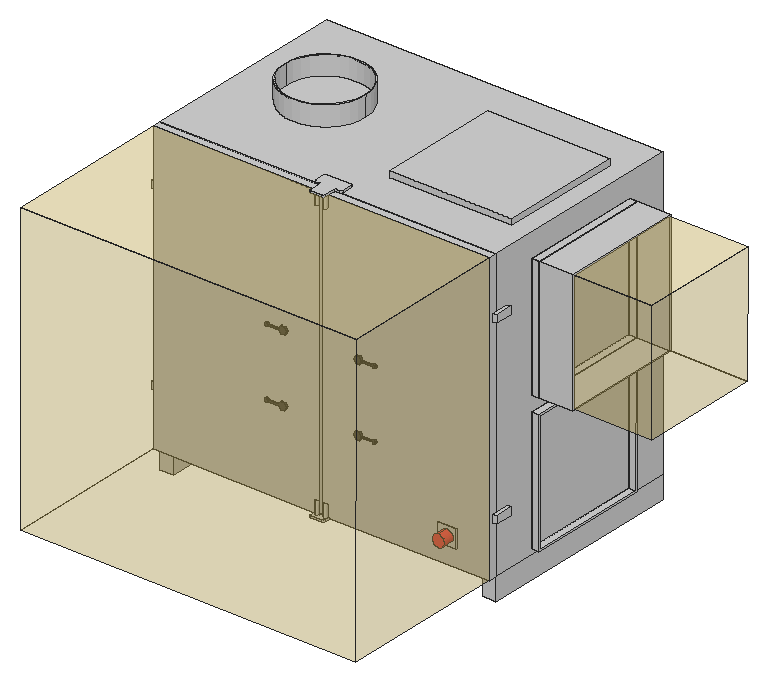
Revit family "Ventilator-RenewAire-Energy-Recovery-HE1.5XINV-Bypass", category Mechanical Equipment, Revit 2014
Parameters (values of type "277V Single Phase")
  Voltage = "277"
  Ventilation Type = "Static Plate, Heat and Humidity Transfer"
  Upper Right Connector = yes
  Unit Width = "34-1/2\""
  Unit Weight = "337-464 lbs."
  Unit Length = "56-1/4\""
  Unit Height = "46-1/4\""
  Unit = Metal - RenewAire - Anodized - Gray Text
  URL = "www.renewaire.com"
  Typical Airflow Range = "375 - 1,575 CFM"
  Top Right Offset = if(Upper Right Connector, 2' 1", 1' 10 1/4")  # 2' - 1"
  Top Right Height = if(Upper Right Connector, 2' 0 1/2", 3' 9 7/8")  # 2' - 0 1/2"
  Top Right Connector = not(Upper Right Connector)  # no
  Top Right Angle = if(Upper Right Connector, 0.00°, 270.00°)  # 0.00°
  Standard Features = "Non-Fused Disconnect, 24VAC Transformer/Relay Package"
  Shipping Weight = "530 lbs."
  Service Area Visibility = yes
  Service Area Box = Interference - RenewAire - Smooth - Light - Gold
  Revit Object Download Link = ""
  Phase = "Single"
  Options = "Qty. 2, ECM Motor, 1.0 HP 120V/1Ph/60HZ, 1.0HP 208-230V/1Ph/60HZ, Fused disconnect, Double wall construction, Gravity backdraft damper - OA, Motorized isolation dampers - OA, Qty. 2 Factory mounted filter alarms, Independent blower control, Bypass economizer (see bypass dimension drawing page) – dry bulb temperature controls, enthalpy controls"
  Optional Motorized Damper - OA = yes
  Number Motors = "Qty. 2, 1.0 HP ea., Direct drive standard motorized impeller packages"
  Model = "HE1.5XINV-Bypass"
  Minimum Circuit Amps = "6.1 A"
  Maximum Overcurrent Protection = "15 A"
  Max. Shipping Width = "47\""
  Max. Shipping Length = "70\""
  Max. Shipping Height = "59\""
  Manufacturer = "RenewAire LLC"
  Lower Right Connector = yes
  Lower Left Connector = yes
  Frequency = "60 HZ"
  FLA per Motor = "2.7"
  Description = "Energy Recovery Ventilator"
  Connector Base Material = Glass - With - Transparency
  Bottom Right Offset = if(Lower Right Connector, 2' 1", 0' 4 1/4")  # 2' - 1"
  Bottom Right Height = if(Lower Right Connector, 0' 4 1/4", 0' 3 1/4")  # 0' - 4 1/4"
  Bottom Right Connector = not(Lower Right Connector)  # no
  Bottom Right Angle = if(Lower Right Connector, 0.00°, 90.00°)  # 0.00°
  Bottom Left Offset = if(Lower Left Connector, 2' 1", 1' 10")  # 2' - 1"
  Bottom Left Height = if(Lower Left Connector, 1' 10 1/4", 0' 3")  # 1' - 10 1/4"
  Bottom Left Connector = not(Lower Left Connector)  # no
  Bottom Left Angle = if(Lower Left Connector, 180.00°, 270.00°)  # 180.00°
  Accessories = "Filters - MERV 13, 2\" (shipped loose), Backdraft Damper - OA or EA, Digital time clock - wall mount(TC7D-W), Digital time clock - in exterior enclosure (TC7D-E), Motion occupancy control - ceiling mount(MC-C), Motion occupancy control - wall mount(MC-W), Carbon dioxide control - wall mount (CO2-W), Carbon Dioxide control - duct mount(CO2-D), Electric duct heater – EK series (1-60 KW), EH series (61-175 KW)"
  AHRI 1060 Certified Core = "One L62-G5 and one L125-G5"
Types (6): name | Voltage | Service Area Visibility | Phase | Minimum Circuit Amps | Maximum Overcurrent Protection | FLA per Motor
  (no name) | "277" | yes | "Single" | "6.1 A" | "15 A" | "2.7"
  120V Single Phase | "120" | no | "Single" | "14.6 A" | "20 A" | "6.5"
  208-230V Single Phase | "208-230" | yes | "Single" | "7.7 A" | "15 A" | "3.3-3.4"
  277V Single Phase | "277" | yes | "Single" | "6.1 A" | "15 A" | "2.7"
  208-230V Three Phase | "208-230" | yes | "Three" | "5.0 A" | "15 A" | "2.2-2.2"
  460V Three Phase | "460" | yes | "Three" | "2.5 A" | "15 A" | "1.1"
Reference planes (in)
  plane 1 "Center (Front/Back)": y = 0
  plane 2: z = 0
  plane 3 "Center (Left/Right)": x = 0
  plane 4 "MinServiceArea": y = -36.0625
Forms (in)
  Extrusion 1, solid, material "Metal - RenewAire - Anodized - Gray Text" <- "Unit"
    sketch origin (28, 0, 24.5625) x (0, 0, 1) y (0, 1, 0)
      loop
        line (-21.3125, 15.9375) -> (-21.3125, -14.6875) -> (21.3125, -14.6875) -> (21.3125, 15.9375) -> (-21.3125, 15.9375)
    from 3.25 to 52.75
  Extrusion 2, solid, material "Metal - RenewAire - Anodized - Gray Text" <- "Unit"
    sketch origin (0, 0, 0) x (1, 0, 0) y (0, 0, 1)
      loop
        line (-24.75, 3.25) -> (-24.75, 0) -> (-22.75, 0) -> (-22.75, 3.25) -> (-24.75, 3.25)
      loop
        line (24.75, 3.25) -> (22.75, 3.25) -> (22.75, 0) -> (24.75, 0) -> (24.75, 3.25)
    from -15.9375 to 14.6875
  Extrusion 3, solid, material "Metal - RenewAire - Anodized - Gray Text" <- "Unit"
    sketch origin (28, 0, 24.5625) x (0, 0, 1) y (-1, 0, 0)
      loop
        line (-21.3125, 52.75) -> (-21.3125, 28.25) -> (21.3125, 28.25) -> (21.3125, 52.75) -> (-21.3125, 52.75)
      loop
        line (-21.3125, 27.75) -> (-21.3125, 3.25) -> (21.3125, 3.25) -> (21.3125, 27.75) -> (-21.3125, 27.75)
    from 14.6875 to 15.9375
  Extrusion 4, solid, material "Interference - RenewAire - Smooth - Light - Gold" <- "Service Area Box", visible <- "Service Area Visibility"
    sketch origin (28, 0, 24.5625) x (0, 1, 0) y (-1, 0, 0)
      loop
        line (-15.9375, 52.75) -> (-40.4375, 52.75) -> (-40.4375, 3.25) -> (-15.9375, 3.25) -> (-15.9375, 52.75)
    from -21.3125 to 21.3125
  Extrusion 5, solid, material "Metal - RenewAire - Anodized - Gray Text" <- "Unit"
    sketch origin (28, 0, 24.5625) x (0, 0, 1) y (-1, 0, 0)
      loop
        line (-18.6875, 10.625) -> (-18.6875, 8) -> (-16.0625, 8) -> (-16.0625, 10.625) -> (-18.6875, 10.625)
    from 15.9375 to 16.15339
  Extrusion 6, solid, material "Plastic Red"
    sketch origin (28, 0, 24.5625) x (0, 0, 1) y (-1, 0, 0)
      loop
        circle (-17.375, 9.3125) r 0.875
    from 16.15339 to 17.6875
  Extrusion 7, solid, material "Metal - RenewAire - Anodized - Gray Text" <- "Unit"
    sketch origin (28, 0, 24.5625) x (0, 0, 1) y (0, 1, 0)
      loop
        line (-13.8125, -12.8125) -> (-13.8125, -15.4375) -> (-12.6875, -15.4375) -> (-12.6875, -12.8125) -> (-13.8125, -12.8125)
    from 52.75 to 53.375
  Extrusion 8, solid, material "Metal - RenewAire - Anodized - Gray Text" <- "Unit"
    sketch origin (28, 0, 51.0625) x (0, 0, 1) y (0, 1, 0)
      loop
        line (-13.8125, -12.8125) -> (-13.8125, -15.4375) -> (-12.6875, -15.4375) -> (-12.6875, -12.8125) -> (-13.8125, -12.8125)
    from 52.75 to 53.375
  Extrusion 9, solid, material "Metal - RenewAire - Anodized - Gray Text" <- "Unit"
    sketch origin (28, 0, 24.5625) x (0, 0, 1) y (0, 1, 0)
      loop
        line (-13.8125, -12.8125) -> (-13.8125, -15.4375) -> (-12.6875, -15.4375) -> (-12.6875, -12.8125) -> (-13.8125, -12.8125)
    from 2.625 to 3.25
  Extrusion 10, solid, material "Metal - RenewAire - Anodized - Gray Text" <- "Unit"
    sketch origin (28, 0, 51.0625) x (0, 0, 1) y (0, 1, 0)
      loop
        line (-13.8125, -12.8125) -> (-13.8125, -15.4375) -> (-12.6875, -15.4375) -> (-12.6875, -12.8125) -> (-13.8125, -12.8125)
    from 2.625 to 3.25
  Extrusion 11, solid, material "Metal - RenewAire - Anodized - Gray Text" <- "Unit"
    sketch origin (28, 0, 24.5625) x (0, 1, 0) y (-1, 0, 0)
      loop
        line (-12.9375, 30) -> (-14.4375, 30)
        arc (-14.4375, 30) -> (-14.61428, 29.92678) -> (-14.6875, 29.75) r 0.25
        line (-14.6875, 29.75) -> (-14.6875, 29.3125)
        arc (-14.6875, 29.3125) -> (-14.76072, 29.13572) -> (-14.9375, 29.0625) r 0.25
        line (-14.9375, 29.0625) -> (-16.5625, 29.0625)
        arc (-16.5625, 29.0625) -> (-16.73928, 28.98928) -> (-16.8125, 28.8125) r 0.25
        line (-16.8125, 28.8125) -> (-16.8125, 27.1875)
        arc (-16.8125, 27.1875) -> (-16.73928, 27.01072) -> (-16.5625, 26.9375) r 0.25
        line (-16.5625, 26.9375) -> (-14.9375, 26.9375)
        arc (-14.9375, 26.9375) -> (-14.76072, 26.86428) -> (-14.6875, 26.6875) r 0.25
        line (-14.6875, 26.6875) -> (-14.6875, 26.25)
        arc (-14.6875, 26.25) -> (-14.61428, 26.07322) -> (-14.4375, 26) r 0.25
        line (-14.4375, 26) -> (-12.9375, 26)
        arc (-12.9375, 26) -> (-12.76072, 26.07322) -> (-12.6875, 26.25) r 0.25
        line (-12.6875, 26.25) -> (-12.6875, 29.75)
        arc (-12.6875, 29.75) -> (-12.76072, 29.92678) -> (-12.9375, 30) r 0.25
    from -21.5625 to -21.3125
  Extrusion 12, solid, material "Metal - RenewAire - Anodized - Gray Text" <- "Unit"
    sketch origin (28, 0, 24.5625) x (0, 1, 0) y (-1, 0, 0)
      loop
        line (-12.9375, 30) -> (-14.4375, 30)
        arc (-14.4375, 30) -> (-14.61428, 29.92678) -> (-14.6875, 29.75) r 0.25
        line (-14.6875, 29.75) -> (-14.6875, 29.3125)
        arc (-14.6875, 29.3125) -> (-14.76072, 29.13572) -> (-14.9375, 29.0625) r 0.25
        line (-14.9375, 29.0625) -> (-16.5625, 29.0625)
        arc (-16.5625, 29.0625) -> (-16.73928, 28.98928) -> (-16.8125, 28.8125) r 0.25
        line (-16.8125, 28.8125) -> (-16.8125, 27.1875)
        arc (-16.8125, 27.1875) -> (-16.73928, 27.01072) -> (-16.5625, 26.9375) r 0.25
        line (-16.5625, 26.9375) -> (-14.9375, 26.9375)
        arc (-14.9375, 26.9375) -> (-14.76072, 26.86428) -> (-14.6875, 26.6875) r 0.25
        line (-14.6875, 26.6875) -> (-14.6875, 26.25)
        arc (-14.6875, 26.25) -> (-14.61428, 26.07322) -> (-14.4375, 26) r 0.25
        line (-14.4375, 26) -> (-12.9375, 26)
        arc (-12.9375, 26) -> (-12.76072, 26.07322) -> (-12.6875, 26.25) r 0.25
        line (-12.6875, 26.25) -> (-12.6875, 29.75)
        arc (-12.6875, 29.75) -> (-12.76072, 29.92678) -> (-12.9375, 30) r 0.25
    from 21.3125 to 21.5625
  Extrusion 13, solid, material "Metal - RenewAire - Anodized - Gray Text" <- "Unit"
    sketch origin (28, 0, 24.5625) x (0, 1, 0) y (-1, 0, 0)
      loop
        circle (-15.9375, 28.625) r 0.25
      loop
        circle (-15.9375, 27.375) r 0.25
    from -21.3125 to -19.5
  Extrusion 14, solid, material "Metal - RenewAire - Anodized - Gray Text" <- "Unit"
    sketch origin (28, 0, 24.5625) x (0, 1, 0) y (-1, 0, 0)
      loop
        circle (-15.9375, 28.625) r 0.25
      loop
        circle (-15.9375, 27.375) r 0.25
    from 19.5 to 21.3125
  Extrusion 15, solid, material "MonitorPorts"
    sketch origin (29.60669, 0, 25.19097) x (0, 0, 1) y (-1, 0, 0)
      loop
        line (-9.53348, 35.65895) -> (-9.94097, 35.42369) -> (-9.94097, 34.83769) -> (-9.43348, 34.54469) -> (-8.92599, 34.83769) -> (-8.92599, 35.42369) -> (-9.33348, 35.65895) -> (-9.33348, 37.28756)
        arc (-9.33348, 37.28756) -> (-9.43348, 37.76669) -> (-9.53348, 37.28756) r 0.25
        line (-9.53348, 37.28756) -> (-9.53348, 35.65895)
    from 15.9375 to 16.15339
  Extrusion 16, solid, material "MonitorPorts"
    sketch origin (29.60669, 0, 35.19097) x (0, 0, 1) y (-1, 0, 0)
      loop
        line (-9.53348, 35.65895) -> (-9.94097, 35.42369) -> (-9.94097, 34.83769) -> (-9.43348, 34.54469) -> (-8.92599, 34.83769) -> (-8.92599, 35.42369) -> (-9.33348, 35.65895) -> (-9.33348, 37.28756)
        arc (-9.33348, 37.28756) -> (-9.43348, 37.76669) -> (-9.53348, 37.28756) r 0.25
        line (-9.53348, 37.28756) -> (-9.53348, 35.65895)
    from 15.9375 to 16.15339
  Extrusion 17, solid, material "MonitorPorts"
    sketch origin (-29.60458, 0, 16.32401) x (0, 0, -1) y (1, 0, 0)
      loop
        line (-9.53348, 35.65895) -> (-9.94097, 35.42369) -> (-9.94097, 34.83769) -> (-9.43348, 34.54469) -> (-8.92599, 34.83769) -> (-8.92599, 35.42369) -> (-9.33348, 35.65895) -> (-9.33348, 37.28756)
        arc (-9.33348, 37.28756) -> (-9.43348, 37.76669) -> (-9.53348, 37.28756) r 0.25
        line (-9.53348, 37.28756) -> (-9.53348, 35.65895)
    from 15.9375 to 16.15339
  Extrusion 18, solid, material "MonitorPorts"
    sketch origin (-29.60458, 0, 6.32401) x (0, 0, -1) y (1, 0, 0)
      loop
        line (-9.53348, 35.65895) -> (-9.94097, 35.42369) -> (-9.94097, 34.83769) -> (-9.43348, 34.54469) -> (-8.92599, 34.83769) -> (-8.92599, 35.42369) -> (-9.33348, 35.65895) -> (-9.33348, 37.28756)
        arc (-9.33348, 37.28756) -> (-9.43348, 37.76669) -> (-9.53348, 37.28756) r 0.25
        line (-9.53348, 37.28756) -> (-9.53348, 35.65895)
    from 15.9375 to 16.15339
  Extrusion 19, solid, material "Metal - RenewAire - Anodized - Gray Text" <- "Unit"
    sketch origin (-0.63926, 1.02235, 0) x (1, 0, 0) y (0, 1, 0)
      loop
        circle (-12.36074, 0) r 6
      loop
        circle (-12.36074, 0) r 5.875
    from 45.875 to 48.75
  Extrusion 20, solid, material "Metal - RenewAire - Anodized - Gray Text" <- "Unit", visible <- "Upper Right Connector"
    sketch origin (0, 0, 0) x (1, 0, 0) y (0, 1, 0)
      loop
        line (4, 9.6875) -> (4, -8.3125) -> (22, -8.3125) -> (22, 9.6875) -> (4, 9.6875)
    from 45.875 to 46.75
  Extrusion 21, solid, material "Metal - RenewAire - Anodized - Gray Text" <- "Unit", visible <- "Lower Right Connector"
    sketch origin (0, 0, 0) x (1, 0, 0) y (0, 1, 0)
      loop
        line (4, 9.6875) -> (4, -8.3125) -> (22, -8.3125) -> (22, 9.6875) -> (4, 9.6875)
    from 2.375 to 3.25
  Extrusion 22, solid, material "Metal - RenewAire - Anodized - Gray Text" <- "Unit", visible <- "Lower Left Connector"
    sketch origin (-26, 0, 0) x (1, 0, 0) y (0, 1, 0)
      loop
        line (4, 9.6875) -> (4, -8.3125) -> (22, -8.3125) -> (22, 9.6875) -> (4, 9.6875)
    from 2.375 to 3.25
  Extrusion 23, solid, material "Metal - RenewAire - Anodized - Gray Text", visible <- "Top Right Connector"
    sketch origin (0, 0, 0) x (1, 0, 0) y (0, 1, 0)
      loop
        line (4, 9.6875) -> (4, -8.3125) -> (22, -8.3125) -> (22, 9.6875) -> (4, 9.6875)
      loop
        line (4.125, 9.5625) -> (4.125, -8.1875) -> (21.875, -8.1875) -> (21.875, 9.5625) -> (4.125, 9.5625)
    from 45.875 to 47.125
  Extrusion 24, solid, material "Metal - RenewAire - Anodized - Gray Text", visible <- "Bottom Right Connector"
    sketch origin (0, 0, 0) x (1, 0, 0) y (0, 1, 0)
      loop
        line (4, 9.6875) -> (4, -8.3125) -> (22, -8.3125) -> (22, 9.6875) -> (4, 9.6875)
      loop
        line (4.125, 9.5625) -> (4.125, -8.1875) -> (21.875, -8.1875) -> (21.875, 9.5625) -> (4.125, 9.5625)
    from 2 to 3.25
  Extrusion 25, solid, material "Metal - RenewAire - Anodized - Gray Text", visible <- "Bottom Left Connector"
    sketch origin (-26, 0, 0) x (1, 0, 0) y (0, 1, 0)
      loop
        line (4, 9.6875) -> (4, -8.3125) -> (22, -8.3125) -> (22, 9.6875) -> (4, 9.6875)
      loop
        line (4.125, 9.5625) -> (4.125, -8.1875) -> (21.875, -8.1875) -> (21.875, 9.5625) -> (4.125, 9.5625)
    from 2 to 3.25
  Extrusion 26, solid, material "Metal - RenewAire - Anodized - Gray Text", visible <- "Bottom Left Connector"
    sketch origin (0, 0, -3.25) x (0, 1, 0) y (0, 0, 1)
      loop
        line (9.6875, 25.5) -> (-8.3125, 25.5) -> (-8.3125, 7.5) -> (9.6875, 7.5) -> (9.6875, 25.5)
    from -25.625 to -24.75
  Extrusion 27, solid, material "Metal - RenewAire - Anodized - Gray Text", visible <- "Bottom Right Connector"
    sketch origin (0, 0, -3.25) x (0, 1, 0) y (0, 0, 1)
      loop
        line (9.6875, 25.5) -> (-8.3125, 25.5) -> (-8.3125, 7.5) -> (9.6875, 7.5) -> (9.6875, 25.5)
    from 24.75 to 25.625
  Extrusion 28, solid, material "Metal - RenewAire - Anodized - Gray Text", visible <- "Top Right Connector"
    sketch origin (0, 0, 17) x (0, 1, 0) y (0, 0, 1)
      loop
        line (9.6875, 25.5) -> (-8.3125, 25.5) -> (-8.3125, 7.5) -> (9.6875, 7.5) -> (9.6875, 25.5)
    from 24.75 to 25.625
  Extrusion 29, solid, material "Metal - RenewAire - Anodized - Gray Text", visible <- "Lower Left Connector"
    sketch origin (0, 0, 0) x (0, 1, 0) y (0, 0, 1)
      loop
        line (9.6875, 22.25) -> (-8.3125, 22.25) -> (-8.3125, 4.25) -> (9.6875, 4.25) -> (9.6875, 22.25)
      loop
        line (9.5625, 22.125) -> (-8.1875, 22.125) -> (-8.1875, 4.375) -> (9.5625, 4.375) -> (9.5625, 22.125)
    from -26 to -24.75
  Extrusion 30, solid, material "Metal - RenewAire - Anodized - Gray Text", visible <- "Lower Right Connector"
    sketch origin (0, 0, 0) x (0, 1, 0) y (0, 0, 1)
      loop
        line (9.6875, 22.25) -> (-8.3125, 22.25) -> (-8.3125, 4.25) -> (9.6875, 4.25) -> (9.6875, 22.25)
      loop
        line (9.5625, 22.125) -> (-8.1875, 22.125) -> (-8.1875, 4.375) -> (9.5625, 4.375) -> (9.5625, 22.125)
    from 24.75 to 26
  Extrusion 31, solid, material "Metal - RenewAire - Anodized - Gray Text"
    sketch origin (0, 0, 20.25) x (0, 1, 0) y (0, 0, 1)
      loop
        line (9.6875, 22.25) -> (-8.3125, 22.25) -> (-8.3125, 4.25) -> (9.6875, 4.25) -> (9.6875, 22.25)
      loop
        line (9.5625, 22.125) -> (-8.1875, 22.125) -> (-8.1875, 4.375) -> (9.5625, 4.375) -> (9.5625, 22.125)
    from -26 to -24.75
  Extrusion 32, solid, material "Metal - RenewAire - Anodized - Gray Text", visible <- "Upper Right Connector"
    sketch origin (0, 0, 20.25) x (0, 1, 0) y (0, 0, 1)
      loop
        line (9.6875, 22.25) -> (-8.3125, 22.25) -> (-8.3125, 4.25) -> (9.6875, 4.25) -> (9.6875, 22.25)
      loop
        line (9.5625, 22.125) -> (-8.1875, 22.125) -> (-8.1875, 4.375) -> (9.5625, 4.375) -> (9.5625, 22.125)
    from 24.75 to 26
  Extrusion 33, solid, material "Metal - RenewAire - Anodized - Gray Text", visible <- "Optional Motorized Damper - OA"
    sketch origin (0, 0, 20.25) x (0, 1, 0) y (0, 0, 1)
      loop
        line (9.6875, 22.25) -> (-8.3125, 22.25) -> (-8.3125, 4.25) -> (9.6875, 4.25) -> (9.6875, 22.25)
      loop
        line (9.5625, 22.125) -> (-8.1875, 22.125) -> (-8.1875, 4.375) -> (9.5625, 4.375) -> (9.5625, 22.125)
    from 24.75 to 31
  Extrusion 34, solid, material "Interference - RenewAire - Smooth - Light - Gold" <- "Service Area Box", visible <- "Optional Motorized Damper - OA"
    sketch origin (0, 0, 0) x (0, 1, 0) y (0, 0, 1)
      loop
        line (9.5625, 42.375) -> (-8.1875, 42.375) -> (-8.1875, 24.625) -> (9.5625, 24.625) -> (9.5625, 42.375)
    from 24.75 to 42.5
Dimensions and locks (in)
  aligned and locked: level to plane 2
Nested families (in)
  nested 1: "Connector" at (0, 0.6875, 0), type "Lower Left Connector"
    with Offset 2' - 1", Base Height 1' - 10 1/4", A 180.00°
  nested 2: "Connector" at (-0.25, 0.6875, 0) x (-1, 0, 0) z (0, 0, 1), type "Lower Right Connector"
    with Offset 2' - 1", Base Height 0' - 4 1/4"
  nested 3: "Connector" at (-0.25, 0.6875, 0) x (-1, 0, 0) z (0, 0, 1), type "Upper Right Connector"
    with Offset 2' - 1", Base Height 2' - 0 1/2"
Connectors (in)
  hvac at (-13, 1.02235, 45.875)
    settings: on Extrusion 19, index 1, duct flow 0 CFM, flow factor 0, pres drop 0.00 in-wg, loss coef 0, conn angle 0.00°, conn width 12", conn height 12", conn diameter 12", duct sys type 2, conn prof type 0, flow config 0, flow direction 2, loss method 0, conn ref index -1, conn util no, is conn primary yes, conn desc "BP (Bypass)"
  hvac at (24.75, 0.6875, 33.5)
    settings: on nested 3, index 2, duct flow 0 CFM, flow factor 0, pres drop 0.00 in-wg, loss coef 0, conn angle 0.00°, conn width 18", conn height 18", conn diameter 24", duct sys type 4, conn prof type 1, flow config 0, flow direction 1, loss method 0, conn ref index -1, conn util no, is conn primary no, conn desc "OA (Outside Air)"
  hvac at (24.75, 0.6875, 13.25)
    settings: on nested 2, index 3, duct flow 0 CFM, flow factor 0, pres drop 0.00 in-wg, loss coef 0, conn angle 0.00°, conn width 18", conn height 18", conn diameter 24", duct sys type 3, conn prof type 1, flow config 0, flow direction 2, loss method 0, conn ref index -1, conn util no, is conn primary no, conn desc "EA (Exhaust Air)"
  hvac at (-24.75, 0.6875, 13.25)
    settings: on nested 1, index 4, duct flow 0 CFM, flow factor 0, pres drop 0.00 in-wg, loss coef 0, conn angle 0.00°, conn width 18", conn height 18", conn diameter 24", duct sys type 1, conn prof type 1, flow config 0, flow direction 2, loss method 0, conn ref index -1, conn util no, is conn primary no, conn desc "FA (Fresh Air)"
  hvac at (-24.75, 0.6875, 33.5)
    settings: on Extrusion 31, index 5, duct flow 0 CFM, flow factor 0, pres drop 0.00 in-wg, loss coef 0, conn angle 0.00°, conn width 18", conn height 18", conn diameter 24", duct sys type 2, conn prof type 1, flow config 0, flow direction 1, loss method 0, conn ref index -1, conn util no, is conn primary no, conn desc "RA (Return Air)"
Definition of nested family "Connector"
  Parameters (values of type "Standard")
    Width = 1' - 6"
    Unit = Glass - With - Transparency
    Offset = 0' - 0"
    Height = 1' - 6"
    Base Height = 0' - 6"
    A = 0.00°
  Reference planes (in)
    plane 1 "Center (Front/Back)": y = 0
    plane 2: z = 0
    plane 3 "Center (Left/Right)": x = 0
  Forms (in)
    Extrusion 1, solid, material "Glass - With - Transparency" <- "Unit"
      sketch origin (0, 0, 24) x (0, 0, -1) y (1, 0, 0)
        loop
          line (0, 0) -> (0, -0.25) -> (18, -0.25) -> (18, 0) -> (0, 0)
      from -9 to 9
  Lines and regions (in)
    reference lines
      curve 1: line (0, 0, 24) -> (0, 0, 6)
  Dimensions and locks (in)
    "Base Height": curve 1 to plane 2
    "Height": curve 1 to curve 1
    locked: curve 1 to Extrusion 1 sketch curve at 0.25
    equal spacing: Extrusion 1, curve 1, Extrusion 1
    "Width": Extrusion 1 to Extrusion 1
    "Offset": plane 3 "Center (Left/Right)" to curve 1
    "A": angle plane 3 "Center (Left/Right)" to curve 1
    aligned and locked: plane 2 to level
    aligned and locked: Extrusion 1 sketch curve to curve 1  (x3)
